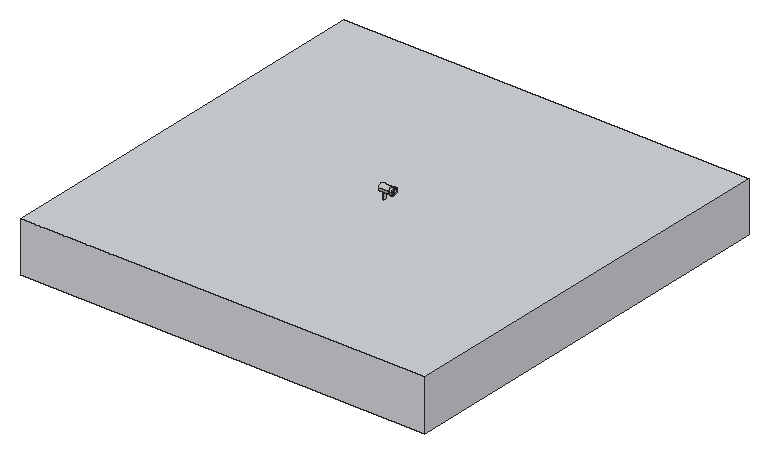
Revit family "LAMP_HANCE 48V 500", category Luminarias, Revit 2015
Parameters (values of type "314LM 2700 SPOT BLACK")
  Weight = 0.15 kg
  Type = "HIGH POWER CREE"
  Tilting angle [instance] = 90.00°
  Tilting [instance] = if(Tilting angle < 0.00°, 0.00°, if(Tilting angle > 90.00°, 90.00°, Tilting angle))  # 90.00°
  Rotation angle [instance] = 90.00°
  Protection rating = "IP20"
  Product datasheet = "http://www.lamp.es/product-files/TECH/HS1TL05SP827NBB-EN.pdf"
  Product code = "HS1TL05SP827NBB"
  Product URL = "https://www.lamp.es/en/family/hance-48v_195581"
  Power Supply = "48V DC"
  Power = 5 W
  Plum = 6.1 W
  Photometric web file = Cuerpo Hance 48V BASE 500 (tilting) : 314LM 2700 SPOT BLACK
  Modelo = Product code  # "HS1TL05SP827NBB"
  Model explanation = "Availability of tilting between 0º and 90º, rotation between 0º and 355º and change ring color when placed in a project."
  Material tija = LAMP_Aluminio Hance Negro
  Manufacturer name = "LAMP"
  Manufacturer country = "Spain"
  Manufacturer URL = "http://www.lamp.es/en"
  MacAdam = "5"
  Luminaire type = "Indoor - Spotlight"
  Last update = "18/03/2019"
  Lamp = "HIGH POWER LED"
  LED Lifetime = "50.000 L90"
  Insulation class = "III"
  Installation instructions = "https://www.lamp.es/product-files/INS/1004290-B-INSTR.%20DE%20MONTAJE%20HANCE%2048V.pdf"
  Initial intensity = 314 lm
  Initial color = 2700 K
  IEE = "A+"
  Height = 78 mm
  Gear = "Electronic"
  Finish = "RAL9011 textured"
  Fabricante = Manufacturer name  # "LAMP"
  Default Elevation = 1219.2 mm
  Efficacy = 51 lm/W
  Diameter = 40 mm
  Descripción = "HANCE TRACK 48 500 VWW SP BK."
  Decorative ring [instance] = Aro decorativo 48V (tilting) : Copper
  Comentarios de tipo = Model explanation  # "Availability of tilting between 0º and 90º, rotation between 0º and 355º and change ring color when placed in a project."
  CRI = "80"
Types (18, lengths in mm): name | Tilting angle | Tilting | Product datasheet | Product code | Photometric web file | Modelo | Material tija | Initial intensity | Initial color | Finish | Efficacy | Descripción
  314LM 2700 SPOT BLACK | 90.00° | 90.00° | "http://www.lamp.es/product-files/TECH/HS1TL05SP827NBB-EN.pdf" | "HS1TL05SP827NBB" | Cuerpo Hance 48V BASE 500 (tilting) : 314LM 2700 SPOT BLACK | "HS1TL05SP827NBB" | LAMP_Aluminio Hance Negro | 314 lm | 2700 K | "RAL9011 textured" | 51 lm/W | "HANCE TRACK 48 500 VWW SP BK."
  314LM 2700 SPOT WHITE | 0.00° | 0.00° | "http://www.lamp.es/product-files/TECH/HS1TL05SP827NBW-EN.pdf" | "HS1TL05SP827NBW" | Cuerpo Hance 48V BASE 500 (tilting) : 314LM 2700 SPOT WHITE | "HS1TL05SP827NBW" | LAMP_Aluminio Hance Blanco | 314 lm | 2700 K | "RAL9010 textured" | 51 lm/W | "HANCE TRACK 48 500 VWW SP WH."
  314LM 3000 SPOT BLACK | 0.00° | 0.00° | "http://www.lamp.es/product-files/TECH/HS1TL05SP830NBB-EN.pdf" | "HS1TL05SP830NBB" | Cuerpo Hance 48V BASE 500 (tilting) : 314LM 3000 SPOT BLACK | "HS1TL05SP830NBB" | LAMP_Aluminio Hance Negro | 314 lm | 3000 K | "RAL9011 textured" | 51 lm/W | "HANCE TRACK 48 500 WW SP BK."
  314LM 3000 SPOT WHITE | 0.00° | 0.00° | "http://www.lamp.es/product-files/TECH/HS1TL05SP830NBW-EN.pdf" | "HS1TL05SP830NBW" | Cuerpo Hance 48V BASE 500 (tilting) : 314LM 3000 SPOT WHITE | "HS1TL05SP830NBW" | LAMP_Aluminio Hance Blanco | 314 lm | 3000 K | "RAL9010 textured" | 51 lm/W | "HANCE TRACK 48 500 WW SP WH."
  339LM 4000 SPOT BLACK | 0.00° | 0.00° | "http://www.lamp.es/product-files/TECH/HS1TL05SP840NBB-EN.pdf" | "HS1TL05SP840NBB" | Cuerpo Hance 48V BASE 500 (tilting) : 339LM 4000 SPOT BLACK | "HS1TL05SP840NBB" | LAMP_Aluminio Hance Negro | 339 lm | 4000 K | "RAL9011 textured" | 55 lm/W | "HANCE TRACK 48 500 NW SP BK."
  339LM 4000 SPOT WHITE | 0.00° | 0.00° | "http://www.lamp.es/product-files/TECH/HS1TL05SP840NBW-EN.pdf" | "HS1TL05SP840NBW" | Cuerpo Hance 48V BASE 500 (tilting) : 339LM 4000 SPOT WHITE | "HS1TL05SP840NBW" | LAMP_Aluminio Hance Blanco | 339 lm | 4000 K | "RAL9010 textured" | 55 lm/W | "HANCE TRACK 48 500 NW SP WH."
  330LM 2700 MEDIUM FLOOD BLACK | 0.00° | 0.00° | "http://www.lamp.es/product-files/TECH/HS1TL05MF827NBB-EN.pdf" | "HS1TL05MF827NBB" | Cuerpo Hance 48V BASE 500 (tilting) : 330LM 2700 MEDIUM FLOOD BLACK | "HS1TL05MF827NBB" | LAMP_Aluminio Hance Negro | 330 lm | 2700 K | "RAL9011 textured" | 54 lm/W | "HANCE TRACK 48 500 VWW MFL BK."
  330LM 2700 MEDIUM FLOOD WHITE | 0.00° | 0.00° | "http://www.lamp.es/product-files/TECH/HS1TL05MF827NBW-EN.pdf" | "HS1TL05MF827NBW" | Cuerpo Hance 48V BASE 500 (tilting) : 330LM 2700 MEDIUM FLOOD WHITE | "HS1TL05MF827NBW" | LAMP_Aluminio Hance Blanco | 330 lm | 2700 K | "RAL9010 textured" | 54 lm/W | "HANCE TRACK 48 500 VWW MFL WH."
  330LM 3000 MEDIUM FLOOD BLACK | 0.00° | 0.00° | "http://www.lamp.es/product-files/TECH/HS1TL05MF830NBB-EN.pdf" | "HS1TL05MF830NBB" | Cuerpo Hance 48V BASE 500 (tilting) : 330LM 3000 MEDIUM FLOOD BLACK | "HS1TL05MF830NBB" | LAMP_Aluminio Hance Negro | 330 lm | 3000 K | "RAL9011 textured" | 54 lm/W | "HANCE TRACK 48 500 WW MFL BK."
  330LM 3000 MEDIUM FLOOD WHITE | 0.00° | 0.00° | "http://www.lamp.es/product-files/TECH/HS1TL05MF830NBW-EN.pdf" | "HS1TL05MF830NBW" | Cuerpo Hance 48V BASE 500 (tilting) : 330LM 3000 MEDIUM FLOOD WHITE | "HS1TL05MF830NBW" | LAMP_Aluminio Hance Blanco | 330 lm | 3000 K | "RAL9010 textured" | 54 lm/W | "HANCE TRACK 48 500 WW MFL WH."
  356LM 4000 MEDIUM FLOOD BLACK | 0.00° | 0.00° | "http://www.lamp.es/product-files/TECH/HS1TL05MF840NBB-EN.pdf" | "HS1TL05MF840NBB" | Cuerpo Hance 48V BASE 500 (tilting) : 356LM 4000 MEDIUM FLOOD BLACK | "HS1TL05MF840NBB" | LAMP_Aluminio Hance Negro | 356 lm | 4000 K | "RAL9011 textured" | 58 lm/W | "HANCE TRACK 48 500 NW MFL BK."
  356LM 4000 MEDIUM FLOOD WHITE | 0.00° | 0.00° | "http://www.lamp.es/product-files/TECH/HS1TL05MF840NBW-EN.pdf" | "HS1TL05MF840NBW" | Cuerpo Hance 48V BASE 500 (tilting) : 356LM 4000 MEDIUM FLOOD WHITE | "HS1TL05MF840NBW" | LAMP_Aluminio Hance Blanco | 356 lm | 4000 K | "RAL9010 textured" | 58 lm/W | "HANCE TRACK 48 500 NW MFL WH."
  324LM 2700 FLOOD BLACK | 0.00° | 0.00° | "http://www.lamp.es/product-files/TECH/HS1TL05FL827NBB-EN.pdf" | "HS1TL05FL827NBB" | Cuerpo Hance 48V BASE 500 (tilting) : 324LM 2700 FLOOD BLACK | "HS1TL05FL827NBB" | LAMP_Aluminio Hance Negro | 324 lm | 2700 K | "RAL9011 textured" | 53 lm/W | "HANCE TRACK 48 500 VWW FL BK."
  324LM 2700 FLOOD WHITE | 0.00° | 0.00° | "http://www.lamp.es/product-files/TECH/HS1TL05FL827NBW-EN.pdf" | "HS1TL05FL827NBW" | Cuerpo Hance 48V BASE 500 (tilting) : 324LM 2700 FLOOD WHITE | "HS1TL05FL827NBW" | LAMP_Aluminio Hance Blanco | 324 lm | 2700 K | "RAL9010 textured" | 53 lm/W | "HANCE TRACK 48 500 VWW FL WH."
  324LM 3000 FLOOD BLACK | 0.00° | 0.00° | "http://www.lamp.es/product-files/TECH/HS1TL05FL830NBB-EN.pdf" | "HS1TL05FL830NBB" | Cuerpo Hance 48V BASE 500 (tilting) : 324LM 3000 FLOOD BLACK | "HS1TL05FL830NBB" | LAMP_Aluminio Hance Negro | 324 lm | 3000 K | "RAL9011 textured" | 53 lm/W | "HANCE TRACK 48 500 WW FL BK."
  324LM 3000 FLOOD WHITE | 0.00° | 0.00° | "http://www.lamp.es/product-files/TECH/HS1TL05FL830NBW-EN.pdf" | "HS1TL05FL830NBW" | Cuerpo Hance 48V BASE 500 (tilting) : 324LM 3000 FLOOD WHITE | "HS1TL05FL830NBW" | LAMP_Aluminio Hance Blanco | 324 lm | 3000 K | "RAL9010 textured" | 53 lm/W | "HANCE TRACK 48 500 WW FL WH."
  349LM 4000 FLOOD BLACK | 0.00° | 0.00° | "http://www.lamp.es/product-files/TECH/HS1TL05FL840NBB-EN.pdf" | "HS1TL05FL840NBB" | Cuerpo Hance 48V BASE 500 (tilting) : 349LM 4000 FLOOD BLACK | "HS1TL05FL840NBB" | LAMP_Aluminio Hance Negro | 349 lm | 4000 K | "RAL9011 textured" | 57 lm/W | "HANCE TRACK 48 500 NW FL BK."
  349LM 4000 FLOOD WHITE | 0.00° | 0.00° | "http://www.lamp.es/product-files/TECH/HS1TL05FL840NBW-EN.pdf" | "HS1TL05FL840NBW" | Cuerpo Hance 48V BASE 500 (tilting) : 349LM 4000 FLOOD WHITE | "HS1TL05FL840NBW" | LAMP_Aluminio Hance Blanco | 349 lm | 4000 K | "RAL9010 textured" | 57 lm/W | "HANCE TRACK 48 500 NW FL WH."
Reference planes
  plane 1 "Centro (Frontal/Posterior)": y = 0
  plane 2: z = 0
  plane 3 "Centro (Izquierda/Derecha)": x = 0
Forms (mm)
  Extrusion 1, solid
    sketch origin (0, 0, 0) x (1, 0, 0) y (0, 1, 0)
      loop
        line (-1219.2, 1219.2) -> (-1219.2, -1219.2) -> (1219.2, -1219.2) -> (1219.2, 1219.2) -> (-1219.2, 1219.2)
    from 0 to -304.8
Lines and regions (mm)
  reference lines
    curve 1: line (0, 0, 0) -> (35, 0, 0)
Text (mm)
  text "Any modification of the parameters and properties of the LAMP BIM models must be executed and validated by the LAMP technical department.\n\nPhone: +34 93 736 68 00\n\nE-mail: lamp@lamp.es\n\n\n\nLAMP reserves the right to modify the technical specifications of its products." at (-20831.523, 15880.048, -4465.41), in view "Preview"
Dimensions and locks
  "Rotation angle": angle curve 1 to plane 3 "Centro (Izquierda/Derecha)"
  aligned and locked: plane 2 to Extrusion 1
  aligned and locked: level to Extrusion 1
  aligned and locked: plane 3 "Centro (Izquierda/Derecha)" to curve 1
  aligned and locked: plane 1 "Centro (Frontal/Posterior)" to curve 1
Automatic sketch dimensions
  Extrusion 1 sketch curve to Extrusion 1 sketch curve = 2438.4 mm  (x2)
Nested families
  nested 1: "Tija 48V" at (4.1, 0, 0), type "Tija 48V"
  nested 2: "Cuerpo Hance 48V BASE 500 (tilting)" at (3.081, -1.967, 42.155) x (1, 0, 0) z (0, 0, -1), type <- "Photometric web file", type "314LM 2700 SPOT BLACK"
  nested 3: "Aro decorativo 48V (tilting)" at (2.865, 0, 42.18) x (0, 0, 1) z (1, 0, 0), type <- "Decorative ring", type "Copper"
    with Tilting 0.00°
Definition of nested family "Tija 48V"
  Parameters (values of type "Tija 48V")
    Profundidad tija = 8.2 mm
    Material tija = none
    Default Elevation = 1219.2 mm
    Diametro vaciado redondo = if(Anchura tija = 20 mm, 10 mm, 7.5 mm)  # 7.5 mm
    Anchura tija = 15 mm
    Profundo vaciado = if(Profundidad tija = 18 mm, 10.8 mm, 1 mm)  # 1 mm
    Ancho vaciado = Anchura tija  # 15 mm
    Altura tija = 52.9 mm
  Reference planes
    plane 1 "Centro (Frontal/Posterior)": y = 0
    plane 2: z = 0
    plane 3 "Centro (Izquierda/Derecha)": x = 0
  Forms (mm)
    Extrusion 1, solid
      sketch origin (0, 0, 0) x (1, 0, 0) y (0, 1, 0)
        loop
          line (-1219.2, 1219.2) -> (-1219.2, -1219.2) -> (1219.2, -1219.2) -> (1219.2, 1219.2) -> (-1219.2, 1219.2)
      from 0 to -304.8
    Extrusion 2, solid, material <- "Material tija"
      sketch origin (0, 0, -18) x (1, 0, 0) y (0, 0, 1)
        loop
          line (4.1, 18) -> (4.1, 70.9) -> (-6.297, 70.9)
          arc (-6.297, 70.9) -> (-12.297, 64.9) -> (-6.297, 58.9) r 6
          line (-6.297, 58.9) -> (-4.1, 58.9) -> (-4.1, 40) -> (-18.142, 40) -> (-18.142, 18) -> (-4.1, 18) -> (4.1, 18)
      from -7.5 to 7.5
    Extrusion 3, void
      sketch origin (1, -11.5, 0) x (-1, 0, 0) y (0, 1, 0)
        loop
          line (0, 19) -> (-38.141, 19) -> (-38.141, 4) -> (0, 4)
          arc (0, 4) -> (-0.716, 11.5) -> (0, 19) r 39.653
      from -132.265 to 0
    Extrusion 4, void
      sketch origin (27.648, 0, 0) x (1, 0, 0) y (0, 1, 0)
        loop
          line (-31.748, 7.5) -> (-31.748, 17.5) -> (-61.648, 17.5) -> (-61.648, -18.394) -> (-31.748, -18.394) -> (-31.748, -7.5)
          arc (-31.748, -7.5) -> (-39.248, 0) -> (-31.748, 7.5) r 7.5
      from 0 to 22
    Extrusion 5, void
      sketch origin (0, 0, 0) x (1, 0, 0) y (0, 0, 1)
        loop
          circle (-7.621, 82.5) r 3.125
        loop
          circle (-7.621, 46.9) r 3.125
      from -21.347 to 27.483
  Cuts and joins
    Extrusion 3, Extrusion 4, Extrusion 5 cuts Extrusion 2
  Lines and regions (mm)
    reference lines
      curve 1: line (1, -11.5, 0) -> (1, 11.5, 0)
  Dimensions and locks
    equal spacing: cut or joined group of Extrusion 2, Extrusion 3, Extrusion 4, Extrusion 5, plane 1 "Centro (Frontal/Posterior)", cut or joined group of Extrusion 2, Extrusion 3, Extrusion 4, Extrusion 5
    "Anchura tija": cut or joined group of Extrusion 2, Extrusion 3, Extrusion 4, Extrusion 5 to cut or joined group of Extrusion 2, Extrusion 3, Extrusion 4, Extrusion 5
    plane 1 "Centro (Frontal/Posterior)" to Extrusion 3 sketch curve = 7.5 mm
    "Altura tija": Extrusion 2 sketch curve to Extrusion 2 sketch curve
    "Profundidad tija": cut or joined group of Extrusion 2, Extrusion 3, Extrusion 4, Extrusion 5 to cut or joined group of Extrusion 2, Extrusion 3, Extrusion 4, Extrusion 5
    locked: cut or joined group of Extrusion 2, Extrusion 3, Extrusion 4, Extrusion 5 to plane 3 "Centro (Izquierda/Derecha)" at 4.1
    locked: plane 3 "Centro (Izquierda/Derecha)" to Extrusion 3 sketch curve at 39.141
    "Profundo vaciado": plane 3 "Centro (Izquierda/Derecha)" to curve 1
    "Ancho vaciado": Extrusion 3 sketch curve to Extrusion 3 sketch curve
    equal spacing: Extrusion 3 sketch curve, plane 1 "Centro (Frontal/Posterior)", Extrusion 3 sketch curve
    "Diametro vaciado redondo": radius of Extrusion 4 sketch curve
    aligned and locked: plane 2 to Extrusion 1
    aligned and locked: level to Extrusion 1
  Automatic sketch dimensions
    Extrusion 1 sketch curve to Extrusion 1 sketch curve = 2438.4 mm  (x2)
    Extrusion 5 sketch curve to plane 3 "Centro (Izquierda/Derecha)" = 7.621 mm  (x2)
    level to Extrusion 5 sketch curve = 46.9 mm
    Extrusion 5 sketch curve to Extrusion 5 sketch curve = 35.6 mm
    Extrusion 5 sketch curve to Extrusion 5 sketch curve = 3.125 mm  (x2)
    Extrusion 2 sketch curve to level = 0 mm
    Extrusion 2 sketch curve to plane 3 "Centro (Izquierda/Derecha)" = 18.142 mm
    Extrusion 2 sketch curve to plane 3 "Centro (Izquierda/Derecha)" = 6.297 mm
    Extrusion 2 sketch curve to plane 3 "Centro (Izquierda/Derecha)" = 4.1 mm  (x2)
    plane 3 "Centro (Izquierda/Derecha)" to Extrusion 2 sketch curve = 4.1 mm
    level to Extrusion 2 sketch curve = 22 mm
    Extrusion 2 sketch curve to Extrusion 2 sketch curve = 12 mm
    plane 1 "Centro (Frontal/Posterior)" to curve 1 = 11.5 mm
    curve 1 to plane 1 "Centro (Frontal/Posterior)" = 11.5 mm
    Extrusion 3 sketch curve to curve 1 = 0 mm  (x2)
    curve 1 to Extrusion 3 sketch curve = 38.937 mm
    plane 1 "Centro (Frontal/Posterior)" to Extrusion 4 sketch curve = 0 mm
    Extrusion 4 sketch curve to plane 3 "Centro (Izquierda/Derecha)" = 34 mm
    Extrusion 4 sketch curve to plane 3 "Centro (Izquierda/Derecha)" = 4.1 mm
    plane 1 "Centro (Frontal/Posterior)" to Extrusion 4 sketch curve = 18.394 mm
    Extrusion 4 sketch curve to Extrusion 4 sketch curve = 10 mm
Definition of nested family "Cuerpo Hance 48V BASE 500 (tilting)"
  Parameters (values of type "314LM 2700 SPOT BLACK")
    Tilting = 90.00°
    Photometric web file = Cuerpo Hance 48V BASE 500 : 314LM 2700 SPOT BLACK
    Longitud cuerpo = 78 mm
    Default Elevation = 1219.2 mm
  Types (19, lengths in mm): name | Photometric web file
    (no name) | Cuerpo Hance 48V BASE 500 : 314LM 2700 SPOT BLACK
    314LM 2700 SPOT BLACK | Cuerpo Hance 48V BASE 500 : 314LM 2700 SPOT BLACK
    314LM 2700 SPOT WHITE | Cuerpo Hance 48V BASE 500 : 314LM 2700 SPOT WHITE
    314LM 3000 SPOT BLACK | Cuerpo Hance 48V BASE 500 : 314LM 3000 SPOT BLACK
    314LM 3000 SPOT WHITE | Cuerpo Hance 48V BASE 500 : 314LM 3000 SPOT WHITE
    339LM 4000 SPOT BLACK | Cuerpo Hance 48V BASE 500 : 339LM 4000 SPOT BLACK
    339LM 4000 SPOT WHITE | Cuerpo Hance 48V BASE 500 : 339LM 4000 SPOT WHITE
    330LM 2700 MEDIUM FLOOD BLACK | Cuerpo Hance 48V BASE 500 : 330LM 2700 MEDIUM FLOOD BLACK
    330LM 2700 MEDIUM FLOOD WHITE | Cuerpo Hance 48V BASE 500 : 330LM 2700 MEDIUM FLOOD WHITE
    330LM 3000 MEDIUM FLOOD BLACK | Cuerpo Hance 48V BASE 500 : 330LM 3000 MEDIUM FLOOD BLACK
    330LM 3000 MEDIUM FLOOD WHITE | Cuerpo Hance 48V BASE 500 : 330LM 3000 MEDIUM FLOOD WHITE
    356LM 4000 MEDIUM FLOOD BLACK | Cuerpo Hance 48V BASE 500 : 356LM 4000 MEDIUM FLOOD BLACK
    356LM 4000 MEDIUM FLOOD WHITE | Cuerpo Hance 48V BASE 500 : 356LM 4000 MEDIUM FLOOD WHITE
    324LM 2700 FLOOD BLACK | Cuerpo Hance 48V BASE 500 : 324LM 2700 FLOOD BLACK
    324LM 2700 FLOOD WHITE | Cuerpo Hance 48V BASE 500 : 324LM 2700 FLOOD WHITE
    324LM 3000 FLOOD BLACK | Cuerpo Hance 48V BASE 500 : 324LM 3000 FLOOD BLACK
    324LM 3000 FLOOD WHITE | Cuerpo Hance 48V BASE 500 : 324LM 3000 FLOOD WHITE
    349LM 4000 FLOOD BLACK | Cuerpo Hance 48V BASE 500 : 349LM 4000 FLOOD BLACK
    349LM 4000 FLOOD WHITE | Cuerpo Hance 48V BASE 500 : 349LM 4000 FLOOD WHITE
  Reference planes
    plane 1 "Centro (Frontal/Posterior)": y = 0
    plane 2: z = 0
    plane 3 "Centro (Izquierda/Derecha)": x = 0
  Lines and regions (mm)
    reference lines
      curve 1: line (0, 0, 0) -> (200, 0, 0)
  Dimensions and locks
    "Tilting": angle plane 3 "Centro (Izquierda/Derecha)" to curve 1
    aligned and locked: level to plane 2
    aligned and locked: plane 3 "Centro (Izquierda/Derecha)" to curve 1
    aligned and locked: plane 2 to curve 1
  Nested families
    nested 1: "Cuerpo Hance 48V BASE 500" at (21.857, -1.967, 11.25), type <- "Photometric web file", type "314LM 2700 SPOT BLACK"
  Definition of nested family "Cuerpo Hance 48V BASE 500"
    Parameters (values of type "314LM 2700 SPOT BLACK")
      Tilt Angle = 90.00° + Tilting  # 180.00°
      Visibilidad reflector = no
      Visibilidad optica = yes
      Wattage = 6.1 W
      Tilting = 90.00°
      built-in parameter 1150107 = 2700 (stored number, unit not read)
      Radio vacio posterior = Radio cuerpo - 2.2 mm  # 17.8 mm
      Radio vaciado = Radio cuerpo - 1.5 mm  # 18.5 mm
      Radio optica = if(Radio cuerpo = 20 mm, 10 mm, 23 mm)  # 10 mm
      Radio cuerpo = if(Longitud cuerpo = 78 mm, 20 mm, 32.5 mm)  # 20 mm
      built-in parameter 1150110 = 1 (stored number, unit not read)
      built-in parameter 1150109 = 1 (stored number, unit not read)
      built-in parameter 1150112 = 1 (stored number, unit not read)
      built-in parameter 1150113 = 1 (stored number, unit not read)
      built-in parameter 1114218 = 1 (stored number, unit not read)
      built-in parameter 1150137 = (empty or 0)
      built-in parameter 1150132 = 2
      Material reflector = none
      Material optica = none
      Material cuerpo = none
      Material COB = none
      Longitud cuerpo = 78 mm
      Long. origen luz = if(Longitud cuerpo = 78 mm, 20 mm, 77 mm)  # 20 mm
      L_2 = if(Ancho disipador posterior = 32 mm, 9.5 mm, 21 mm)  # 9.5 mm
      L_1 = if(Ancho disipador posterior = 32 mm, 13 mm, 27 mm)  # 13 mm
      built-in parameter 1150105 = 24.757 (stored number, unit not read)
      built-in parameter 1150102 = (empty or 0)
      built-in parameter 1150106 = 0.24757 (stored number, unit not read)
      Lumens = 311.1 lm
      Color Filter = 16777215
      built-in parameter 1114217 = 1 (stored number, unit not read)
      built-in parameter 1150139 = (empty or 0)
      Default Elevation = 1219.2 mm
      built-in parameter 1150104 = 4.7381 (stored number, unit not read)
      Efficacy = 51 lm/W
      Diametro aro = if(Radio cuerpo = 20 mm, 17.9 mm, 30.4 mm)  # 17.9 mm
      built-in parameter 1150115 = 1 (stored number, unit not read)
      built-in parameter 1150114 = 1 (stored number, unit not read)
      built-in parameter 1150138 = (empty or 0)
      built-in parameter 1150134 = (empty or 0)
      Dimming Lamp Color Temperature Shift = (empty or 0)
      Photometric Web File = "HS1TL05SP827NBB.IES"
      Ancho vaciado reflector = Ancho reflector - 1 mm  # 23 mm
      Ancho reflector = 24 mm
      Ancho disipador posterior = if(Radio cuerpo = 20 mm, 32 mm, 57 mm)  # 32 mm
      built-in parameter 1150133 = 10 (stored number, unit not read)
      Altura disipador superior = if(Radio cuerpo = 20 mm, 44.3 mm, 45.3 mm)  # 44.3 mm
      Ancho disipador superior = if(Radio cuerpo = 20 mm, 16.8 mm, 22.6 mm)  # 16.8 mm
    Types (18, lengths in mm): name | built-in parameter 1150107 | built-in parameter 1150105 | built-in parameter 1150106 | Lumens | built-in parameter 1150104 | Efficacy | built-in parameter 1150134 | Photometric Web File
      314LM 2700 SPOT BLACK | 2700 (stored number, unit not read) | 24.757 (stored number, unit not read) | 0.24757 (stored number, unit not read) | 311.1 lm | 4.7381 (stored number, unit not read) | 51 lm/W | (empty or 0) | "HS1TL05SP827NBB.IES"
      314LM 2700 SPOT WHITE | 2700 (stored number, unit not read) | 3424.4 (stored number, unit not read) | 34.244 (stored number, unit not read) | 311.1 lm | 4.7381 (stored number, unit not read) | 51 lm/W | (empty or 0) | "HS1TL05SP827NBW.IES"
      314LM 3000 SPOT BLACK | 3000 (stored number, unit not read) | 3424.4 (stored number, unit not read) | 34.244 (stored number, unit not read) | 311.1 lm | 4.7381 (stored number, unit not read) | 51 lm/W | (empty or 0) | "HS1TL05SP830NBB.IES"
      314LM 3000 SPOT WHITE | 3000 (stored number, unit not read) | 3424.4 (stored number, unit not read) | 34.244 (stored number, unit not read) | 311.1 lm | 4.7381 (stored number, unit not read) | 51 lm/W | (empty or 0) | "HS1TL05SP830NBW.IES"
      339LM 4000 SPOT BLACK | 4000 (stored number, unit not read) | 3692.9 (stored number, unit not read) | 36.929 (stored number, unit not read) | 335.5 lm | 5.1097 (stored number, unit not read) | 51 lm/W | 12 | "HS1TL05SP840NBB.IES"
      339LM 4000 SPOT WHITE | 4000 (stored number, unit not read) | 3692.9 (stored number, unit not read) | 36.929 (stored number, unit not read) | 335.5 lm | 5.1097 (stored number, unit not read) | 51 lm/W | 12 | "HS1TL05SP840NBW.IES"
      330LM 2700 MEDIUM FLOOD BLACK | 2700 (stored number, unit not read) | 3625.8 (stored number, unit not read) | 36.258 (stored number, unit not read) | 329.4 lm | 5.0168 (stored number, unit not read) | 54 lm/W | (empty or 0) | "HS1TL05MF827NBB.IES"
      330LM 2700 MEDIUM FLOOD WHITE | 2700 (stored number, unit not read) | 2108.8 (stored number, unit not read) | 21.088 (stored number, unit not read) | 329.4 lm | 5.0168 (stored number, unit not read) | 54 lm/W | (empty or 0) | "HS1TL05MF827NBW.IES"
      330LM 3000 MEDIUM FLOOD BLACK | 3000 (stored number, unit not read) | 2108.8 (stored number, unit not read) | 21.088 (stored number, unit not read) | 329.4 lm | 5.0168 (stored number, unit not read) | 54 lm/W | (empty or 0) | "HS1TL05MF830NBB.IES"
      330LM 3000 MEDIUM FLOOD WHITE | 3000 (stored number, unit not read) | 2108.8 (stored number, unit not read) | 21.088 (stored number, unit not read) | 329.4 lm | 5.0168 (stored number, unit not read) | 54 lm/W | (empty or 0) | "HS1TL05MF830NBW.IES"
      356LM 4000 MEDIUM FLOOD BLACK | 4000 (stored number, unit not read) | 2265 (stored number, unit not read) | 22.65 (stored number, unit not read) | 353.8 lm | 5.3884 (stored number, unit not read) | 58 lm/W | 12 | "HS1TL05MF840NBB.IES"
      356LM 4000 MEDIUM FLOOD WHITE | 4000 (stored number, unit not read) | 2265 (stored number, unit not read) | 22.65 (stored number, unit not read) | 353.8 lm | 5.3884 (stored number, unit not read) | 58 lm/W | 12 | "HS1TL05MF840NBW.IES"
      324LM 2700 FLOOD BLACK | 2700 (stored number, unit not read) | 2069.7 (stored number, unit not read) | 20.697 (stored number, unit not read) | 323.3 lm | 4.9239 (stored number, unit not read) | 58 lm/W | (empty or 0) | "HS1TL05FL827NBB.IES"
      324LM 2700 FLOOD WHITE | 2700 (stored number, unit not read) | 2069.7 (stored number, unit not read) | 20.697 (stored number, unit not read) | 323.3 lm | 4.9239 (stored number, unit not read) | 58 lm/W | (empty or 0) | "HS1TL05FL827NBW.IES"
      324LM 3000 FLOOD BLACK | 3000 (stored number, unit not read) | 1226.2 (stored number, unit not read) | 12.262 (stored number, unit not read) | 323.3 lm | 4.9239 (stored number, unit not read) | 58 lm/W | (empty or 0) | "HS1TL05FL830NBB.IES"
      324LM 3000 FLOOD WHITE | 3000 (stored number, unit not read) | 1226.2 (stored number, unit not read) | 12.262 (stored number, unit not read) | 323.3 lm | 4.9239 (stored number, unit not read) | 58 lm/W | (empty or 0) | "HS1TL05FL830NBW.IES"
      349LM 4000 FLOOD BLACK | 4000 (stored number, unit not read) | 1318.7 (stored number, unit not read) | 13.187 (stored number, unit not read) | 347.7 lm | 5.2955 (stored number, unit not read) | 57 lm/W | 12 | "HS1TL05FL840NBB.IES"
      349LM 4000 FLOOD WHITE | 4000 (stored number, unit not read) | 1318.7 (stored number, unit not read) | 13.187 (stored number, unit not read) | 347.7 lm | 5.2955 (stored number, unit not read) | 57 lm/W | 12 | "HS1TL05FL840NBW.IES"
    Reference planes
      plane 1 "Centro (Frontal/Posterior)": y = 0
      plane 2: z = 0
      plane 3 "Centro (Izquierda/Derecha)": x = 0
    Forms (mm)
      Extrusion 1, solid, material <- "Material cuerpo"
        sketch origin (0, 0, 0) x (0, -1, 0) y (0, 0, 1)
          loop
            circle (0, -27.875) r 20
        from -36 to 42
      Extrusion 2, void
        sketch origin (0, 0, 0) x (0, 1, 0) y (0, 0, 1)
          loop
            line (8.4, 30) -> (-8.4, 30) -> (-8.4, -14.3)
            arc (-8.4, -14.3) -> (0, -14.777) -> (8.4, -14.3) r 74.27
            line (8.4, -14.3) -> (8.4, 30)
        from -42 to -9.283
      Extrusion 3, void
        sketch origin (0, 0, 0) x (0, 1, 0) y (0, 0, 1)
          loop
            circle (0, -27.875) r 17.8
        from -42 to -41
      Extrusion 4, void
        sketch origin (0, 0, 0) x (0, 1, 0) y (0, 0, 1)
          loop
            line (16, -26.291) -> (-16, -26.291)
            arc (-16, -26.291) -> (-17.2, -27.491) -> (-16, -28.691) r 1.2
            line (-16, -28.691) -> (16, -28.691)
            arc (16, -28.691) -> (17.2, -27.491) -> (16, -26.291) r 1.2
          loop
            line (15.615, -30.891) -> (-15.615, -30.891)
            arc (-15.615, -30.891) -> (-16.815, -32.091) -> (-15.615, -33.291) r 1.2
            line (-15.615, -33.291) -> (15.615, -33.291)
            arc (15.615, -33.291) -> (16.815, -32.091) -> (15.615, -30.891) r 1.2
          loop
            line (13, -35.404) -> (-13.484, -35.404)
            arc (-13.484, -35.404) -> (-14.684, -36.604) -> (-13.484, -37.804) r 1.2
            line (-13.484, -37.804) -> (13, -37.804)
            arc (13, -37.804) -> (14.2, -36.604) -> (13, -35.404) r 1.2
          loop
            line (9.5, -39.58) -> (-9.197, -39.58)
            arc (-9.197, -39.58) -> (-10.397, -40.78) -> (-9.197, -41.98) r 1.2
            line (-9.197, -41.98) -> (9.5, -41.98)
            arc (9.5, -41.98) -> (10.7, -40.78) -> (9.5, -39.58) r 1.2
        from -42 to -38.7
      Extrusion 5, void
        sketch origin (0, 0, 0) x (-1, 0, 0) y (0, -1, 0)
          loop
            line (37.7, -6.3) -> (37.7, 6.3)
            arc (37.7, 6.3) -> (36.6, 7.4) -> (35.5, 6.3) r 1.1
            line (35.5, 6.3) -> (35.5, -6.3)
            arc (35.5, -6.3) -> (36.6, -7.4) -> (37.7, -6.3) r 1.1
          loop
            line (28.9, -6.3) -> (28.9, 6.3)
            arc (28.9, 6.3) -> (27.8, 7.4) -> (26.7, 6.3) r 1.1
            line (26.7, 6.3) -> (26.7, -6.3)
            arc (26.7, -6.3) -> (27.8, -7.4) -> (28.9, -6.3) r 1.1
          loop
            line (20.1, -6.3) -> (20.1, 6.3)
            arc (20.1, 6.3) -> (19, 7.4) -> (17.9, 6.3) r 1.1
            line (17.9, 6.3) -> (17.9, -6.3)
            arc (17.9, -6.3) -> (19, -7.4) -> (20.1, -6.3) r 1.1
        from -18.74 to 30
      Extrusion 6, void
        sketch origin (0, 0, 0) x (-1, 0, 0) y (0, -1, 0)
          loop
            line (33.3, -6.3) -> (33.3, 6.3)
            arc (33.3, 6.3) -> (32.2, 7.4) -> (31.1, 6.3) r 1.1
            line (31.1, 6.3) -> (31.1, -6.3)
            arc (31.1, -6.3) -> (32.2, -7.4) -> (33.3, -6.3) r 1.1
          loop
            line (24.5, -6.3) -> (24.5, 6.3)
            arc (24.5, 6.3) -> (23.4, 7.4) -> (22.3, 6.3) r 1.1
            line (22.3, 6.3) -> (22.3, -6.3)
            arc (22.3, -6.3) -> (23.4, -7.4) -> (24.5, -6.3) r 1.1
        from -16.455 to 30
      Extrusion 7, void
        sketch origin (0, 0, 0) x (0, 1, 0) y (0, 0, 1)
          loop
            circle (0, -27.875) r 18.5
        from 17.213 to 36
      Extrusion 8, solid, material <- "Material COB"
        sketch origin (0, 0, 0) x (0, -1, 0) y (0, 0, 1)
          loop
            circle (0, -27.875) r 7.733
        from -18.2 to -17.213
      Revolve 9, solid, material <- "Material optica", visible <- "Visibilidad optica"
        sketch origin (0, 0, 0) x (0, 0, -1) y (1, 0, 0)
          loop
            line (27.875, 22.5) -> (17.875, 22.5) -> (17.875, 20.5) -> (27.875, 20.5) -> (27.875, 22.5)
          axis (27.875, 20.5) -> (27.875, 22.5)
        angle from 0 to 360
      Revolve 10, solid, material <- "Material reflector", visible <- "Visibilidad reflector"
        sketch origin (0, 0, 0) x (1, 0, 0) y (0, 0, 1)
          loop
            line (22.5, -3.875) -> (17.213, -6.142) -> (16.213, -6.57) -> (16.213, -27.875) -> (17.213, -27.875) -> (17.213, -20.142) -> (18.2, -20.142) -> (22.5, -4.875) -> (22.5, -3.875)
          axis (16.213, -27.875) -> (22.5, -27.875)
        angle from 0 to 360
    Cuts and joins
      Extrusion 2, Extrusion 3, Extrusion 4, Extrusion 5, Extrusion 6, Extrusion 7 cuts Extrusion 1
    Lines and regions (mm)
      reference lines
        curve 1: line (0, 0, 0) -> (178.042, 0, 0)
        curve 2: line (36, 0, -27.875) -> (56, 0, -27.875)
        curve 3: line (0, 0, 0) -> (0, 0, -75)
        curve 4: line (36, 0, -22.875) -> (36, 0, -32.875)
    Text (mm)
      text "Any modification of the parameters and properties of the LAMP BIM models must be executed and validated by the LAMP technical department.\n\nPhone: +34 93 736 68 00\n\nE-mail: lamp@lamp.es\n\n\n\nLAMP reserves the right to modify the technical specifications of its products." at (97482.136, -81600.41, 57308.082), in view "Preview"
    Dimensions and locks
      "Longitud cuerpo": cut or joined group of Extrusion 1, Extrusion 2, Extrusion 3, Extrusion 4, Extrusion 5, Extrusion 6, Extrusion 7 to cut or joined group of Extrusion 1, Extrusion 2, Extrusion 3, Extrusion 4, Extrusion 5, Extrusion 6, Extrusion 7
      locked: cut or joined group of Extrusion 1, Extrusion 2, Extrusion 3, Extrusion 4, Extrusion 5, Extrusion 6, Extrusion 7 to curve 3 at 42
      "Long. origen luz": curve 4 to curve 2
      equal spacing: Extrusion 4 sketch curve, plane 1 "Centro (Frontal/Posterior)", Extrusion 4 sketch curve
      "Ancho disipador posterior": Extrusion 4 sketch curve to Extrusion 4 sketch curve
      "L_1": Extrusion 4 sketch curve to plane 1 "Centro (Frontal/Posterior)"
      "L_2": Extrusion 4 sketch curve to curve 3
      equal spacing: Extrusion 2 sketch curve, plane 1 "Centro (Frontal/Posterior)", Extrusion 2 sketch curve
      "Ancho disipador superior": Extrusion 2 sketch curve to Extrusion 2 sketch curve
      "Altura disipador superior": Extrusion 2 sketch curve to Extrusion 2 sketch curve
      locked: plane 2 to Extrusion 2 sketch curve at 30
      "Radio optica": Revolve 9 sketch curve to imposter light
      locked: cut or joined group of Extrusion 1, Extrusion 2, Extrusion 3, Extrusion 4, Extrusion 5, Extrusion 6, Extrusion 7 to Revolve 9 sketch curve at 13.5
      locked: Extrusion 8 to Extrusion 8 at 0.987
      locked: cut or joined group of Extrusion 1, Extrusion 2, Extrusion 3, Extrusion 4, Extrusion 5, Extrusion 6, Extrusion 7 to Extrusion 8 at 17.8
      "Ancho reflector": Revolve 10 sketch curve to imposter light
      locked: Revolve 10 to cut or joined group of Extrusion 1, Extrusion 2, Extrusion 3, Extrusion 4, Extrusion 5, Extrusion 6, Extrusion 7 at 13.5
      "Radio cuerpo": radius of Extrusion 1 sketch curve
      "Radio vaciado": radius of Extrusion 7 sketch curve
      "Radio vacio posterior": radius of Extrusion 3 sketch curve
      "Tilting": angle plane 3 "Centro (Izquierda/Derecha)" to curve 1
      aligned and locked: level to plane 2
      aligned and locked: imposter light to curve 2  (x2)
      aligned and locked: cut or joined group of Extrusion 1, Extrusion 2, Extrusion 3, Extrusion 4, Extrusion 5, Extrusion 6, Extrusion 7 to cut or joined group of Extrusion 1, Extrusion 2, Extrusion 3, Extrusion 4, Extrusion 5, Extrusion 6, Extrusion 7
      aligned and locked: Revolve 9 sketch curve to imposter light
    Automatic sketch dimensions
      Extrusion 8 sketch curve to plane 1 "Centro (Frontal/Posterior)" = 0 mm
      curve 1 to Extrusion 5 sketch curve = 17.9 mm
      Extrusion 5 sketch curve to Extrusion 5 sketch curve = 1.1 mm  (x3)
      Extrusion 5 sketch curve to Extrusion 5 sketch curve = 6.6 mm  (x2)
      Extrusion 5 sketch curve to curve 1 = 6.3 mm  (x3)
      curve 1 to Extrusion 5 sketch curve = 6.3 mm  (x3)
      Extrusion 6 sketch curve to curve 1 = 6.3 mm  (x2)
      curve 1 to Extrusion 6 sketch curve = 22.3 mm
      Extrusion 6 sketch curve to Extrusion 6 sketch curve = 1.1 mm  (x2)
      Extrusion 6 sketch curve to Extrusion 6 sketch curve = 6.6 mm
      curve 1 to Extrusion 6 sketch curve = 6.3 mm
      Extrusion 6 sketch curve to Extrusion 6 sketch curve = 0 mm
      Extrusion 1 sketch curve to plane 1 "Centro (Frontal/Posterior)" = 0 mm
      Extrusion 1 sketch curve to level = 27.875 mm
      Extrusion 2 sketch curve to plane 1 "Centro (Frontal/Posterior)" = 0 mm
      Extrusion 2 sketch curve to Extrusion 2 sketch curve = 29.494 mm
      Extrusion 3 sketch curve to plane 1 "Centro (Frontal/Posterior)" = 0 mm
      Extrusion 3 sketch curve to level = 27.875 mm
      Extrusion 4 sketch curve to Extrusion 4 sketch curve = 0.385 mm  (x2)
      Extrusion 4 sketch curve to Extrusion 4 sketch curve = 2.132 mm
      Extrusion 4 sketch curve to Extrusion 4 sketch curve = 4.287 mm
      Extrusion 4 sketch curve to level = 41.98 mm
      Extrusion 4 sketch curve to Extrusion 4 sketch curve = 1.2 mm  (x4)
      Extrusion 4 sketch curve to Extrusion 4 sketch curve = 1.776 mm
      Extrusion 4 sketch curve to Extrusion 4 sketch curve = 2.113 mm
      Extrusion 4 sketch curve to Extrusion 4 sketch curve = 2.2 mm
      Extrusion 7 sketch curve to plane 1 "Centro (Frontal/Posterior)" = 0 mm
      Extrusion 7 sketch curve to level = 27.875 mm
      curve 1 to level = 0 mm
      curve 1 to plane 3 "Centro (Izquierda/Derecha)" = 0 mm
      curve 3 to curve 1 = 0 mm  (x2)
      curve 3 to curve 1 = 75 mm
      curve 1 to curve 4 = 36 mm
      curve 1 to curve 4 = 32.875 mm
      curve 4 to curve 2 = 5 mm
      curve 2 to curve 4 = 5 mm
      Revolve 9 sketch curve to Revolve 9 sketch curve = 0 mm  (x2)
      Revolve 9 sketch curve to Revolve 9 sketch curve = 2 mm
      Revolve 9 sketch curve to Revolve 9 sketch curve = 13.5 mm
      Revolve 10 sketch curve to level = 6.57 mm
      plane 3 "Centro (Izquierda/Derecha)" to Revolve 10 sketch curve = 16.213 mm
      Revolve 10 sketch curve to level = 6.142 mm
      Revolve 10 sketch curve to Revolve 10 sketch curve = 1 mm  (x3)
      Revolve 10 sketch curve to Revolve 10 sketch curve = 0.987 mm
      Revolve 10 sketch curve to Revolve 10 sketch curve = 5.287 mm
      Revolve 10 sketch curve to Revolve 10 sketch curve = 13.571 mm
      Revolve 10 sketch curve to Revolve 10 sketch curve = 7.733 mm
      Revolve 10 sketch curve to Revolve 10 sketch curve = 0 mm  (x2)
      Revolve 10 sketch curve to Revolve 10 sketch curve = 18.787 mm
      radius of Extrusion 8 sketch curve = 7.733 mm
Definition of nested family "Aro decorativo 48V (tilting)"
  Parameters (values of type "Copper")
    Weight (1000/2000) = 0.01 kg
    Weight (500) = 0.004 kg
    Tilting = 90.00°
    Product datasheet = ""
    Product code (1000/2000) = "HSRI65C"
    Product code (500) = "HSRI40C"
    Product URL = ""
    Model = ""
    Material aro secundario = none
    Material aro = none
    Manufacturer name = "LAMP"
    Manufacturer country = "Spain"
    Manufacturer URL = "http://www.lamp.es/en"
    Longitud = 47.9 mm
    Last update = "18/03/2019"
    Installation instructions = ""
    Finish = "Metalized matt copper"
    Manufacturer = Manufacturer name  # "LAMP"
    Default Elevation = 1219.2 mm
    Diameter (1000/2000) = 65 mm
    Diameter (500) = 40 mm
    Description = ""
    Accessory Type = "Optic"
    1000/2000 Model = "HSRI65C"
    1000/2000 Description = "HANCE 1000/2000 ACC. RING DECO CO."
    500 Model = "HSRI40C"
    500 Description = "HANCE 500 ACC. RING DECO CO."
  Types (5, lengths in mm): name | Product code (1000/2000) | Product code (500) | Finish | 1000/2000 Model | 1000/2000 Description | 500 Model | 500 Description
    (no name) | "HSRI65C" | "HSRI40C" | "Metalized matt copper" | "HSRI65C" | "HANCE 1000/2000 ACC. RING DECO CO." | "HSRI40C" | "HANCE 500 ACC. RING DECO CO."
    Black | "" | "" | "Matt black" | "" | "" | "" | ""
    Copper | "HSRI65C" | "HSRI40C" | "Metalized matt copper" | "HSRI65C" | "HANCE 1000/2000 ACC. RING DECO CO." | "HSRI40C" | "HANCE 500 ACC. RING DECO CO."
    Grey | "HSRI65M" | "HSRI40M" | "Metalized matt silver" | "HSRI65M" | "HANCE 1000/2000 ACC. RING DECO MET." | "HSRI40M" | "HANCE 500 ACC. RING DECO MET."
    White | "HSRI65W" | "HSRI40W" | "Matt black" | "HSRI65W" | "HANCE 1000/2000 ACC. RING DECO WH." | "HSRI40W" | "HANCE 500 ACC. RING DECO WH."
  Reference planes
    plane 1 "Centro (Frontal/Posterior)": y = 0
    plane 2: z = 0
    plane 3 "Centro (Izquierda/Derecha)": x = 0
  Lines and regions (mm)
    reference lines
      curve 1: line (0, 0, 0) -> (0, 0, -16.564)
      curve 2: line (0, 0, -16.564) -> (47.89, 0, -16.564)
  Text (mm)
    text "Any modification of the parameters and properties of the LAMP BIM models must be executed and validated by the LAMP technical department.\n\nPhone: +34 93 736 68 00\n\nE-mail: lamp@lamp.es\n\n\n\nLAMP reserves the right to modify the technical specifications of its products." at (86527.204, -96597.187, 50741.736), in view "Preview"
  Dimensions and locks
    "Tilting": angle curve 1 to plane 2
    aligned and locked: level to plane 2
    aligned and locked: plane 3 "Centro (Izquierda/Derecha)" to curve 1
    aligned and locked: plane 2 to curve 1
  Automatic sketch dimensions
    curve 2 to curve 1 = 0 mm
    curve 1 to curve 2 = 0 mm
    curve 1 to curve 2 = 47.89 mm
  Nested families
    nested 1: "Aro decorativo 48V" at (-0.01, 0, 0), type "Black"
  Definition of nested family "Aro decorativo 48V"
    Parameters (values of type "Copper")
      Weight (1000/2000) = 0.01 kg
      Weight (500) = 0.004 kg
      Product datasheet = ""
      Product code (1000/2000) = "HSRI65C"
      Product code (500) = "HSRI40C"
      Product URL = ""
      Model = ""
      Material aro secundario = none
      Material aro = none
      Manufacturer name = "LAMP"
      Manufacturer country = "Spain"
      Manufacturer URL = "http://www.lamp.es/en"
      Longitud = 47.9 mm
      Last update = "18/03/2019"
      Installation instructions = ""
      Finish = "Metalized matt copper"
      Manufacturer = Manufacturer name  # "LAMP"
      Radio vaciado aro interior = 11.6 mm
      Radio vaciado aro exterior = 17.5 mm
      Radio aro interior = 13.7 mm
      Radio aro exterior = 18.3 mm
      Default Elevation = 1219.2 mm
      Diameter (1000/2000) = 65 mm
      Diameter (500) = 40 mm
      Description = ""
      Accessory Type = "Optic"
      1000/2000 Model = "HSRI65C"
      1000/2000 Description = "HANCE 1000/2000 ACC. RING DECO CO."
      500 Description = "HANCE 500 ACC. RING DECO CO."
      500 Model = "HSRI40C"
    Types (5, lengths in mm): name | Product code (1000/2000) | Product code (500) | Finish | 1000/2000 Model | 1000/2000 Description | 500 Description | 500 Model
      (no name) | "HSRI65C" | "HSRI40C" | "Metalized matt copper" | "HSRI65C" | "HANCE 1000/2000 ACC. RING DECO CO." | "HANCE 500 ACC. RING DECO CO." | "HSRI40C"
      Black | "" | "" | "Matt black" | "" | "" | "" | ""
      Copper | "HSRI65C" | "HSRI40C" | "Metalized matt copper" | "HSRI65C" | "HANCE 1000/2000 ACC. RING DECO CO." | "HANCE 500 ACC. RING DECO CO." | "HSRI40C"
      Grey | "HSRI65M" | "HSRI40M" | "Metalized matt silver" | "HSRI65M" | "HANCE 1000/2000 ACC. RING DECO MET." | "HANCE 500 ACC. RING DECO MET." | "HSRI40M"
      White | "HSRI65W" | "HSRI40W" | "Matt white" | "HSRI65W" | "HANCE 1000/2000 ACC. RING DECO WH." | "HANCE 500 ACC. RING DECO WH." | "HSRI40W"
    Reference planes
      plane 1 "Centro (Frontal/Posterior)": y = 0
      plane 2: z = 0
      plane 3 "Centro (Izquierda/Derecha)": x = 0
    Forms (mm)
      Revolve 1, solid, material <- "Material aro"
        sketch origin (0, 0, -16.6) x (1, 0, 0) y (0, 0, 1)
          loop
            line (47.9, 0) -> (58.082, 0) -> (58.082, 18.3) -> (47.9, 13.7) -> (47.9, 0)
          axis (58.082, 0) -> (47.9, 0)
        angle from 0 to 360
      Revolve 2, void
        sketch origin (0, 0, -16.6) x (1, 0, 0) y (0, 0, 1)
          loop
            line (58.082, 17.5) -> (47.9, 11.6) -> (47.9, 0) -> (58.082, 0) -> (58.082, 17.5)
          axis (47.9, 0) -> (58.082, 0)
        angle from 0 to 360
      Revolve 3, solid, material <- "Material aro secundario"
        sketch origin (0, 0, 0) x (1, 0, 0) y (0, 0, 1)
          loop
            line (47.9, -16.6) -> (47.9, -2.9) -> (44.6, -6.1) -> (44.6, -16.6) -> (47.9, -16.6)
          axis (44.6, -16.6) -> (47.9, -16.6)
        angle from 0 to 360
      Revolve 4, void
        sketch origin (0, 0, 0) x (1, 0, 0) y (0, 0, 1)
          loop
            line (44.6, -16.6) -> (47.9, -16.6) -> (47.9, -5) -> (44.6, -6.6) -> (44.6, -16.6)
          axis (44.6, -16.6) -> (47.9, -16.6)
        angle from 0 to 360
    Cuts and joins
      Revolve 2 cuts Revolve 1
      Revolve 4 cuts Revolve 3
    Lines and regions (mm)
      reference lines
        curve 1: line (0, 0, -16.6) -> (47.9, 0, -16.6)
    Text (mm)
      text "Any modification of the parameters and properties of the LAMP BIM models must be executed and validated by the LAMP technical department.\n\nPhone: +34 93 736 68 00\n\nE-mail: lamp@lamp.es\n\n\n\nLAMP reserves the right to modify the technical specifications of its products." at (91886.357, -93022.329, 47898.266), in view "Preview"
    Dimensions and locks
      "Radio aro exterior": Revolve 1 sketch curve to Revolve 1 sketch curve
      "Radio vaciado aro exterior": Revolve 2 sketch curve to Revolve 2 sketch curve
      "Longitud": curve 1 to plane 3 "Centro (Izquierda/Derecha)"
      "Radio aro interior": Revolve 1 sketch curve to Revolve 1 sketch curve
      "Radio vaciado aro interior": Revolve 2 sketch curve to Revolve 2 sketch curve
      aligned and locked: level to plane 2
    Automatic sketch dimensions
      Revolve 3 sketch curve to level = 16.6 mm
      plane 3 "Centro (Izquierda/Derecha)" to Revolve 3 sketch curve = 44.6 mm
      Revolve 3 sketch curve to Revolve 3 sketch curve = 3.3 mm
      Revolve 3 sketch curve to level = 6.1 mm
      Revolve 3 sketch curve to level = 2.9 mm
      Revolve 4 sketch curve to level = 6.6 mm
      plane 3 "Centro (Izquierda/Derecha)" to Revolve 4 sketch curve = 44.6 mm
      Revolve 4 sketch curve to Revolve 4 sketch curve = 3.3 mm
      Revolve 4 sketch curve to Revolve 4 sketch curve = 1.6 mm
      Revolve 4 sketch curve to Revolve 4 sketch curve = 10 mm
      Revolve 1 sketch curve to curve 1 = 0 mm  (x4)
      curve 1 to Revolve 1 sketch curve = 10.182 mm
      Revolve 1 sketch curve to Revolve 1 sketch curve = 0 mm
      Revolve 2 sketch curve to curve 1 = 0 mm  (x3)
      curve 1 to Revolve 2 sketch curve = 10.182 mm
      Revolve 2 sketch curve to curve 1 = 1261.008 mm
      Revolve 2 sketch curve to Revolve 2 sketch curve = 1898.983 mm
      curve 1 to plane 3 "Centro (Izquierda/Derecha)" = 0 mm
      curve 1 to level = 16.6 mm
